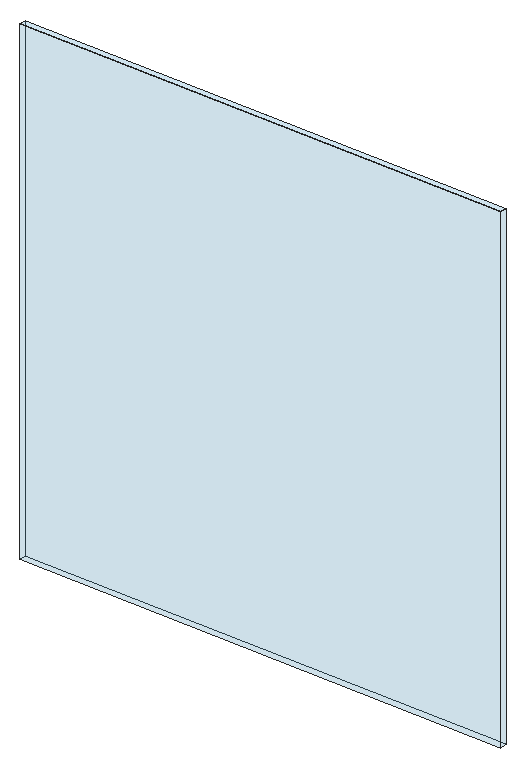
Revit family
Parameters (values of type "72" x 72"")
  Sealant = 0' - 0 3/8"
  Pocket Depth [instance] = 0' - 0 1/2"
  Head Height = Sill Height + Rough Height - Sealant  # 8' - 11 5/8"
  Depth [instance] = 0' - 7"
  Sill Height = 3' - 0"
  Rough Width = 6' - 0"
  Rough Height = 6' - 0"
  Model = "OPG3007"
  Material = ""
  Manufacturer = "Arcadia"
  Sightline = 0' - 3 3/8"
  Height = Rough Height - Sealant - Sealant  # 5' - 11 1/4"
  Wall Closure = (empty or 0)
  Width = Rough Width - Sealant - Sealant  # 5' - 11 1/4"
  Glass Thickness [instance] = 0' - 1"
  Offset to Inside Face of Glass [instance] = 0' - 5 5/16"
  Construction Type = "Aluminum"
  Center of Rough Opening [instance] = Rough Width / 2  # 3' - 0"
  Center of Glass [instance] = Glass Thickness / 2  # 0' - 0 1/2"
  Center Wall to Outside Face [instance] = 0' - 2 7/8"
  Assembly Code = ""
Reference planes (in)
  plane 1 "Center (Front/Back)": y = 0
  plane 2: z = 0
  plane 3 "Center (Left/Right)": x = 12
  plane 4 "Rough Opening Bottom": z = 36
  plane 5 "Rough Opening Top": z = 108
  plane 6 "Exterior Face": y = -2.25
  plane 7 "Frame Top": z = 104.625
  plane 8 "Frame Bottom": z = 39.375
  plane 9 "Rough Opening Left": x = -24
  plane 10 "Rough Opening Right": x = 48
  plane 11 "Frame Left": x = -20.625
  plane 12 "Frame Right": x = 44.625
  plane 13 "Exterior Glass Edge": y = -3.7467
  plane 14 "Interior Glass Edge": y = -4.7467
  plane 15 "Glass Centerline": y = -4.2467
  plane 16 "Frame Outside": y = -3.07606
  plane 17 "Frame Inside": y = -10.0592
  plane 18: z = 105.125
  plane 19: z = 38.875
  plane 20: x = 45.125
  plane 21: x = -21.125
  plane 22: x = 47.625
  plane 23: x = -23.625
  plane 24: z = 107.625
  plane 25: z = 36.375
Forms (in)
  Extrusion 1, solid, material "Anodize Arcadia AC2 Clear #11", detail levels coarse
    sketch origin (0, 0, 36) x (0, -1, 0) y (1, 0, 0)
      loop
        line (3.07606, -24) -> (10.0592, -24) -> (10.0592, -20.625) -> (4.7467, -20.625) -> (4.7467, -21.125) -> (3.7467, -21.125) -> (3.7467, -20.625) -> (3.07606, -20.625) -> (3.07606, -24)
    from 0 to 72 <- "Rough Height"
  Extrusion 2, solid, material "Anodize Arcadia AC2 Clear #11", detail levels coarse
    sketch origin (0, 0, 36) x (0, -1, 0) y (1, 0, 0)
      loop
        line (3.07606, 44.625) -> (3.7467, 44.625) -> (3.7467, 45.125) -> (4.7467, 45.125) -> (4.7467, 44.625) -> (10.0592, 44.625) -> (10.0592, 48) -> (3.07606, 48) -> (3.07606, 44.625)
    from 0 to 72 <- "Rough Height"
  Extrusion 3, solid, material "Glass"
    sketch origin (-0.5, 0, 36) x (0, -1, 0) y (1, 0, 0)
      loop
        line (3.7467, -20.625) -> (4.7467, -20.625) -> (4.7467, 45.625) -> (3.7467, 45.625) -> (3.7467, -20.625)
    from 2.875 to 69.125
  Extrusion 4, solid, material "Anodize Arcadia AC2 Clear #11", detail levels coarse
    sketch origin (-24, 0, 0) x (0, 1, 0) y (0, 0, 1)
      loop
        line (-10.0592, 108) -> (-10.0592, 104.625) -> (-4.7467, 104.625) -> (-4.7467, 105.125) -> (-3.7467, 105.125) -> (-3.7467, 104.625) -> (-3.07606, 104.625) -> (-3.07606, 108) -> (-10.0592, 108)
    from 0 to 72 <- "Rough Width"
  Extrusion 5, solid, material "Anodize Arcadia AC2 Clear #11", detail levels coarse
    sketch origin (-24, 0, 0) x (0, 1, 0) y (0, 0, 1)
      loop
        line (-3.07606, 39.375) -> (-3.7467, 39.375) -> (-3.7467, 38.875) -> (-4.7467, 38.875) -> (-4.7467, 39.375) -> (-10.0592, 39.375) -> (-10.0592, 36) -> (-3.07606, 36) -> (-3.07606, 39.375)
    from 0 to 72 <- "Rough Width"
  Extrusion 6, void
    sketch origin (0, 0, 36) x (0, -1, 0) y (1, 0, 0)
      loop
        line (10.25, -24) -> (10.25, 48) -> (2.25, 48) -> (2.25, -24) -> (10.25, -24)
    from 0 to 72 <- "Rough Height"
Lines and regions (in)
  symbolic lines, detail levels coarse
    curve 1: line (-24, -3.07606, 0) -> (-20.625, -3.07606, 0)
    curve 2: line (-20.625, -3.07606, 0) -> (-20.625, -3.7467, 0)
    curve 3: line (45.125, -3.7467, 0) -> (-21.125, -3.7467, 0)
    curve 4: line (-21.125, -3.7467, 0) -> (-21.125, -4.7467, 0)
    curve 5: line (-21.125, -4.7467, 0) -> (45.125, -4.7467, 0)
    curve 6: line (-20.625, -4.7467, 0) -> (-20.625, -10.0592, 0)
    curve 7: line (-20.625, -10.0592, 0) -> (-24, -10.0592, 0)
    curve 8: line (-24, -10.0592, 0) -> (-24, -3.07606, 0)
    curve 9: line (48, -3.07606, 0) -> (44.625, -3.07606, 0)
    curve 10: line (44.625, -3.07606, 0) -> (44.625, -3.7467, 0)
    curve 11: line (45.125, -3.7467, 0) -> (45.125, -4.7467, 0)
    curve 12: line (44.625, -4.7467, 0) -> (44.625, -10.0592, 0)
    curve 13: line (44.625, -10.0592, 0) -> (48, -10.0592, 0)
    curve 14: line (48, -10.0592, 0) -> (48, -3.07606, 0)
Text (in)
  text "EXTERIOR" at (-58.6888, 50.90694, 0), in view "Ref. Level"
  text "INTERIOR" at (-58.6888, -37.76638, 0), in view "Ref. Level"
  text "Exterior" at (0, 43.65631, 123.19604), in view "Left"
  text "Exterior" at (0, 18.29385, 125.04747), in view "Right"
Dimensions and locks (in)
  "Rough Height": plane 4 "Rough Opening Bottom" to plane 5 "Rough Opening Top"
  "Sill Height": plane 2 to plane 4 "Rough Opening Bottom"
  "Sightline": plane 7 "Frame Top" to plane 5 "Rough Opening Top"
  "Sightline": plane 4 "Rough Opening Bottom" to plane 8 "Frame Bottom"
  "Rough Width": plane 9 "Rough Opening Left" to plane 10 "Rough Opening Right"
  "Sightline": plane 9 "Rough Opening Left" to plane 11 "Frame Left"
  "Sightline": plane 12 "Frame Right" to plane 10 "Rough Opening Right"
  plane 17 "Frame Inside" to plane 16 "Frame Outside" = 0' - 6.98314"
  "Glass Thickness": plane 13 "Exterior Glass Edge" to plane 14 "Interior Glass Edge"
  "Center of Glass": plane 15 "Glass Centerline" to plane 14 "Interior Glass Edge"
  "Center of Rough Opening": plane 9 "Rough Opening Left" to plane 3 "Center (Left/Right)"
  "Offset to Inside Face of Glass": plane 17 "Frame Inside" to plane 14 "Interior Glass Edge"
  "Pocket Depth": plane 12 "Frame Right" to plane 20
  "Pocket Depth": plane 21 to plane 11 "Frame Left"
  "Pocket Depth": plane 7 "Frame Top" to plane 18
  "Pocket Depth": plane 19 to plane 8 "Frame Bottom"
  "Sealant": plane 22 to plane 10 "Rough Opening Right"
  "Sealant": plane 9 "Rough Opening Left" to plane 23
  "Sealant": plane 4 "Rough Opening Bottom" to plane 25
  "Sealant": plane 24 to plane 5 "Rough Opening Top"
  aligned and locked: plane 6 "Exterior Face" to host wall
  aligned and locked: Extrusion 1 sketch curve to plane 17 "Frame Inside"
  aligned and locked: plane 16 "Frame Outside" to Extrusion 1 sketch curve
  aligned and locked: Extrusion 1 sketch curve to plane 11 "Frame Left"
  aligned and locked: plane 9 "Rough Opening Left" to Extrusion 1 sketch curve
  aligned and locked: plane 12 "Frame Right" to Extrusion 2 sketch curve
  aligned and locked: Extrusion 2 sketch curve to plane 10 "Rough Opening Right"
  aligned and locked: Extrusion 2 sketch curve to plane 17 "Frame Inside"
  aligned and locked: plane 16 "Frame Outside" to Extrusion 2 sketch curve
  aligned and locked: Extrusion 3 sketch curve to plane 13 "Exterior Glass Edge"
  aligned and locked: plane 14 "Interior Glass Edge" to Extrusion 3 sketch curve
  aligned and locked: plane 5 "Rough Opening Top" to Extrusion 4 sketch curve
  aligned and locked: Extrusion 4 sketch curve to plane 7 "Frame Top"
  aligned and locked: Extrusion 4 sketch curve to plane 17 "Frame Inside"
  aligned and locked: plane 16 "Frame Outside" to Extrusion 4 sketch curve
  aligned and locked: Extrusion 5 sketch curve to plane 4 "Rough Opening Bottom"
  aligned and locked: plane 8 "Frame Bottom" to Extrusion 5 sketch curve
  aligned and locked: Extrusion 5 sketch curve to plane 17 "Frame Inside"
  aligned and locked: plane 16 "Frame Outside" to Extrusion 5 sketch curve
  aligned and locked: plane 4 "Rough Opening Bottom" to nested 3
  aligned and locked: nested 2 to plane 5 "Rough Opening Top"
  aligned and locked: plane 19 to Extrusion 3
  aligned and locked: Extrusion 3 to plane 18
  aligned and locked: plane 17 "Frame Inside" to nested 3
  aligned and locked: nested 1 to plane 16 "Frame Outside"
  aligned and locked: plane 10 "Rough Opening Right" to nested 1
  aligned and locked: nested 4 to plane 9 "Rough Opening Left"
  aligned and locked: plane 17 "Frame Inside" to nested 4
  aligned and locked: plane 13 "Exterior Glass Edge" to Extrusion 5 sketch curve
  aligned and locked: Extrusion 5 sketch curve to plane 14 "Interior Glass Edge"
  aligned and locked: plane 19 to Extrusion 5 sketch curve
  aligned and locked: Extrusion 4 sketch curve to plane 13 "Exterior Glass Edge"
  aligned and locked: plane 18 to Extrusion 4 sketch curve
  aligned and locked: plane 14 "Interior Glass Edge" to Extrusion 4 sketch curve
  aligned and locked: plane 14 "Interior Glass Edge" to Extrusion 2 sketch curve
  aligned and locked: Extrusion 2 sketch curve to plane 20
  aligned and locked: Extrusion 2 sketch curve to plane 13 "Exterior Glass Edge"
  aligned and locked: Extrusion 1 sketch curve to plane 14 "Interior Glass Edge"
  aligned and locked: Extrusion 1 sketch curve to plane 21
  aligned and locked: plane 13 "Exterior Glass Edge" to Extrusion 1 sketch curve
  aligned and locked: plane 16 "Frame Outside" to curve 1
  aligned and locked: plane 9 "Rough Opening Left" to curve 8
  aligned and locked: curve 2 to plane 11 "Frame Left"
  aligned and locked: curve 6 to plane 11 "Frame Left"
  aligned and locked: curve 4 to plane 21
  aligned and locked: curve 7 to plane 17 "Frame Inside"
  aligned and locked: curve 5 to plane 14 "Interior Glass Edge"
  aligned and locked: plane 13 "Exterior Glass Edge" to curve 3
  aligned and locked: curve 10 to plane 12 "Frame Right"
  aligned and locked: curve 12 to plane 12 "Frame Right"
  aligned and locked: curve 11 to plane 20
  aligned and locked: plane 10 "Rough Opening Right" to curve 14
  aligned and locked: curve 9 to plane 16 "Frame Outside"
  aligned and locked: plane 17 "Frame Inside" to curve 13
  aligned and locked: nested 2 to plane 16 "Frame Outside"
  aligned and locked: plane 9 "Rough Opening Left" to import instance
  aligned and locked: plane 16 "Frame Outside" to import instance
  aligned and locked: plane 10 "Rough Opening Right" to import instance
  aligned and locked: import instance to plane 16 "Frame Outside"  (x2)
  aligned and locked: plane 17 "Frame Inside" to import instance
  aligned and locked: import instance to plane 4 "Rough Opening Bottom"
  aligned and locked: import instance to plane 17 "Frame Inside"
  aligned and locked: plane 5 "Rough Opening Top" to import instance
  aligned and locked: level to plane 2
  aligned and locked: plane 9 "Rough Opening Left" to Extrusion 6 sketch curve
  aligned and locked: Extrusion 6 sketch curve to host wall
  aligned and locked: plane 6 "Exterior Face" to Extrusion 6 sketch curve
  aligned and locked: Extrusion 6 sketch curve to plane 10 "Rough Opening Right"
Automatic sketch dimensions
  Extrusion 3 sketch curve to plane 21 = 0' - 0"
  Extrusion 3 sketch curve to plane 20 = 0' - 0"
  Extrusion 5 sketch curve to plane 8 "Frame Bottom" = 0' - 0"
  Extrusion 4 sketch curve to plane 7 "Frame Top" = 0' - 0"
  Extrusion 2 sketch curve to plane 12 "Frame Right" = 0' - 0"
  Extrusion 1 sketch curve to plane 11 "Frame Left" = 0' - 0"
Nested families (in)
  nested 1: "Window-Arcadia-OPG3007-Med-Jamb-R" at (46.9375, -4.26356, 0) x (-1, 0, 0) z (0, 0, 1), type "Window-Arcadia-OPG3007-Med-Jamb-R", detail levels medium
    with Sightline 0' - 3 3/8", Pocket Depth 0' - 0 1/2", Offset to Inside Face of Glass 0' - 5 5/16", Glass Width 0' - 1", Frame Wall Thickness 0' - 0 3/32", Depth 0' - 7", Center of Glass 0' - 0 1/2"
  nested 2: "Window-Arcadia-OPG3007-Med-Head" at (33.875, -4.26356, 108) x (0, -1, 0) z (1, 0, 0), type "Window-Arcadia-OPG3007-Med-Head", detail levels medium
    with Sightline 0' - 3 3/8", Pocket Depth 0' - 0 1/2", Offset to Inside Face of Glass 0' - 5 5/16", Glass Width 0' - 1", Frame Wall Thickness 0' - 0 3/32", Depth 0' - 7", Center of Glass 0' - 0 1/2"
  nested 3: "Window-Arcadia-OPG3007-Med-Sill" at (33.875, -4.2467, 36) x (0, -1, 0) z (1, 0, 0), type "Window-Arcadia-OPG3007-Med-Sill", detail levels medium
    with Sightline 0' - 3 3/8", Pocket Depth 0' - 0 1/2", Offset to Inside Face of Glass 0' - 5 5/16", Glass Width 0' - 1", Frame Wall Thickness 0' - 0 3/32", Depth 0' - 7", Center of Glass 0' - 0 1/2"
  nested 4: "Window-Arcadia-OPG3007-Med-Jamb-L" at (-22.9375, -4.2467, 0) x (-1, 0, 0) z (0, 0, 1), type "Window-Arcadia-OPG3007-Med-Jamb-L", detail levels medium
    with Sightline 0' - 3 3/8", Pocket Depth 0' - 0 1/2", Offset to Inside Face of Glass 0' - 5 5/16", Glass Width 0' - 1", Frame Wall Thickness 0' - 0 3/32", Depth 0' - 7", Center of Glass 0' - 0 1/2"
Definition of nested family "Window-Arcadia-OPG3007-Med-Jamb-R"
  Parameters (values of type "Window-Arcadia-TC670-Med-Jamb-R")
    Depth [instance] = 0' - 6"
    Pocket Depth [instance] = 0' - 0 3/4"
    Offset to Inside Face of Glass [instance] = 0' - 4"
    Glass Width [instance] = 0' - 1"
    Sightline [instance] = 0' - 2 5/8"
    Center of Glass [instance] = Glass Width / 2  # 0' - 0 1/2"
    Frame Wall Thickness [instance] = 0' - 0 3/32"
    Assembly Code = ""
  Reference planes (in)
    plane 1 "Center (Front/Back)": y = 0
    plane 2: z = 0
    plane 3: x = 1.5625
    plane 4 "back": x = -1.0625
    plane 5: y = 4.5
    plane 6: y = -1.5
    plane 7 "Inside Face of Glass": y = 0.5
    plane 8: y = -0.5
    plane 9: x = 0.8125
  Lines and regions (in)
    detail lines, in view "Ref. Level", detail levels medium
      curve 1: line (-1.0625, 4.5, 0) -> (-1.0625, -1.5, 0)
      curve 2: line (-1.0625, -1.5, 0) -> (1.5625, -1.5, 0)
      curve 3: line (1.5625, -1.5, 0) -> (1.5625, -0.5, 0)
      curve 4: line (1.5625, -0.5, 0) -> (0.8125, -0.5, 0)
      curve 5: line (0.8125, -0.5, 0) -> (0.8125, 0.5, 0)
      curve 6: line (0.8125, 0.5, 0) -> (1.5625, 0.5, 0)
      curve 7: line (1.5625, 0.5, 0) -> (1.5625, 4.5, 0)
      curve 8: line (1.5625, 4.5, 0) -> (-1.0625, 4.5, 0)
      curve 9: line (1.46875, 4.40625, 0) -> (-0.96875, 4.40625, 0)
      curve 10: line (-0.96875, 4.40625, 0) -> (-0.96875, -1.40625, 0)
      curve 11: line (-0.96875, -1.40625, 0) -> (1.46875, -1.40625, 0)
      curve 12: line (1.46875, -1.40625, 0) -> (1.46875, -0.59375, 0)
      curve 13: line (1.46875, -0.59375, 0) -> (0.71875, -0.59375, 0)
      curve 14: line (0.71875, -0.59375, 0) -> (0.71875, 0.59375, 0)
      curve 15: line (0.71875, 0.59375, 0) -> (1.46875, 0.59375, 0)
      curve 16: line (1.46875, 0.59375, 0) -> (1.46875, 4.40625, 0)
      curve 17: line (1.5625, 4.5, 0) -> (-1.0625, 4.5, 0)
      curve 18: line (-1.0625, 4.40625, 0) -> (-1.0625, -1.5, 0)
  Dimensions and locks (in)
    "Sightline": plane 4 "back" to plane 3
    "Depth": plane 5 to plane 6
    "Center of Glass": plane 1 "Center (Front/Back)" to plane 7 "Inside Face of Glass"
    "Glass Width": plane 8 to plane 7 "Inside Face of Glass"
    "Pocket Depth": plane 9 to plane 3
    "Offset to Inside Face of Glass": plane 5 to plane 7 "Inside Face of Glass"
    "Frame Wall Thickness": plane 5 to curve 9
    "Frame Wall Thickness": plane 4 "back" to curve 10
    "Frame Wall Thickness": curve 11 to plane 6
    "Frame Wall Thickness": curve 12 to plane 3
    "Frame Wall Thickness": curve 13 to plane 8
    "Frame Wall Thickness": plane 7 "Inside Face of Glass" to curve 15
    "Frame Wall Thickness": curve 14 to plane 9
    "Frame Wall Thickness": curve 16 to plane 3
    aligned and locked: plane 5 to curve 8
    aligned and locked: curve 1 to plane 4 "back"
    aligned and locked: curve 2 to plane 6
    aligned and locked: plane 3 to curve 3
    aligned and locked: curve 4 to plane 8
    aligned and locked: plane 9 to curve 5
    aligned and locked: plane 7 "Inside Face of Glass" to curve 6
    aligned and locked: plane 3 to curve 7
  Automatic sketch dimensions
    curve 18 to curve 9 = 0' - 0"
Definition of nested family "Window-Arcadia-OPG3007-Med-Head"
  Parameters (values of type "Window-Arcadia-A400-Med-Head")
    Depth [instance] = 0' - 6"
    Pocket Depth [instance] = 0' - 0 1/2"
    Offset to Inside Face of Glass [instance] = 0' - 4"
    Glass Width [instance] = 0' - 1"
    Sightline [instance] = 0' - 2 5/8"
    Center of Glass [instance] = Glass Width / 2  # 0' - 0 1/2"
    Frame Wall Thickness [instance] = 0' - 0 3/32"
    Assembly Code = ""
  Reference planes (in)
    plane 1 "Center (Front/Back)": y = 0
    plane 2: z = 0
    plane 3 "Center (Left/Right)": x = 0
    plane 4: x = -0.5
    plane 5 "Inside Face of Glass": x = 0.5
    plane 6: y = -2.625
    plane 7: x = 4.5
    plane 8: x = -1.5
    plane 9: y = -2.125
  Lines and regions (in)
    detail lines, in view "Ref. Level", detail levels medium
      curve 1: line (-1.5, 0, 0) -> (-1.5, -2.625, 0)
      curve 2: line (-1.5, -2.625, 0) -> (-0.5, -2.625, 0)
      curve 3: line (-0.5, -2.625, 0) -> (-0.5, -2.125, 0)
      curve 4: line (-0.5, -2.125, 0) -> (0.5, -2.125, 0)
      curve 5: line (0.5, -2.125, 0) -> (0.5, -2.625, 0)
      curve 6: line (0.5, -2.625, 0) -> (4.5, -2.625, 0)
      curve 7: line (4.5, -2.625, 0) -> (4.5, 0, 0)
      curve 8: line (4.5, 0, 0) -> (-1.5, 0, 0)
      curve 9: line (-1.40625, -0.09375, 0) -> (-1.40625, -2.53125, 0)
      curve 10: line (4.40625, -0.09375, 0) -> (-1.40625, -0.09375, 0)
      curve 11: line (4.40625, -2.53125, 0) -> (4.40625, -0.09375, 0)
      curve 12: line (0.59375, -2.53125, 0) -> (4.40625, -2.53125, 0)
      curve 13: line (-1.40625, -2.53125, 0) -> (-0.59375, -2.53125, 0)
      curve 14: line (-0.59375, -2.53125, 0) -> (-0.59375, -2.03125, 0)
      curve 15: line (-0.59375, -2.03125, 0) -> (0.59375, -2.03125, 0)
      curve 16: line (0.59375, -2.03125, 0) -> (0.59375, -2.53125, 0)
  Dimensions and locks (in)
    "Sightline": plane 6 to plane 1 "Center (Front/Back)"
    "Depth": plane 8 to plane 7
    "Pocket Depth": plane 6 to plane 9
    "Offset to Inside Face of Glass": plane 5 "Inside Face of Glass" to plane 7
    "Glass Width": plane 4 to plane 5 "Inside Face of Glass"
    "Center of Glass": plane 3 "Center (Left/Right)" to plane 5 "Inside Face of Glass"
    "Frame Wall Thickness": plane 8 to curve 9
    "Frame Wall Thickness": curve 10 to plane 1 "Center (Front/Back)"
    "Frame Wall Thickness": curve 11 to plane 7
    "Frame Wall Thickness": plane 6 to curve 12
    "Frame Wall Thickness": plane 6 to curve 13
    "Frame Wall Thickness": plane 9 to curve 15
    "Frame Wall Thickness": plane 5 "Inside Face of Glass" to curve 16
    "Frame Wall Thickness": curve 14 to plane 4
    aligned and locked: curve 8 to plane 1 "Center (Front/Back)"
    aligned and locked: plane 7 to curve 7
    aligned and locked: curve 1 to plane 8
    aligned and locked: plane 9 to curve 4
    aligned and locked: plane 4 to curve 3
    aligned and locked: plane 6 to curve 2
    aligned and locked: plane 6 to curve 6
  Automatic sketch dimensions
    curve 5 to plane 5 "Inside Face of Glass" = 0' - 0"
Definition of nested family "Window-Arcadia-OPG3007-Med-Sill"
  Parameters (values of type "Window-Arcadia-A400-Med-Sill")
    Depth [instance] = 0' - 6"
    Pocket Depth [instance] = 0' - 0 1/2"
    Offset to Inside Face of Glass [instance] = 0' - 4"
    Glass Width [instance] = 0' - 1"
    Sightline [instance] = 0' - 2 5/8"
    Center of Glass [instance] = Glass Width / 2  # 0' - 0 1/2"
    Frame Wall Thickness [instance] = 0' - 0 3/32"
    Assembly Code = ""
  Reference planes (in)
    plane 1 "Center (Front/Back)": y = 0
    plane 2: z = 0
    plane 3 "Center (Left/Right)": x = 0
    plane 4: x = -0.5
    plane 5 "Inside Face of Glass": x = 0.5
    plane 6: y = 2.625
    plane 7: x = 4.5
    plane 8: x = -1.5
    plane 9: y = 2.125
  Lines and regions (in)
    detail lines, in view "Ref. Level", detail levels medium
      curve 1: line (-1.5, 2.625, 0) -> (-1.5, 0, 0)
      curve 2: line (-1.5, 0, 0) -> (4.5, 0, 0)
      curve 3: line (4.5, 0, 0) -> (4.5, 2.625, 0)
      curve 4: line (4.5, 2.625, 0) -> (0.5, 2.625, 0)
      curve 5: line (0.5, 2.625, 0) -> (0.5, 2.125, 0)
      curve 6: line (0.5, 2.125, 0) -> (-0.5, 2.125, 0)
      curve 7: line (-0.5, 2.125, 0) -> (-0.5, 2.625, 0)
      curve 8: line (-0.5, 2.625, 0) -> (-1.5, 2.625, 0)
      curve 9: line (-0.59375, 2.53125, 0) -> (-1.40625, 2.53125, 0)
      curve 10: line (-1.40625, 2.53125, 0) -> (-1.40625, 0.09375, 0)
      curve 11: line (-1.40625, 0.09375, 0) -> (4.40625, 0.09375, 0)
      curve 12: line (4.40625, 0.09375, 0) -> (4.40625, 2.53125, 0)
      curve 13: line (4.40625, 2.53125, 0) -> (0.59375, 2.53125, 0)
      curve 14: line (0.59375, 2.53125, 0) -> (0.59375, 2.03125, 0)
      curve 15: line (0.59375, 2.03125, 0) -> (-0.59375, 2.03125, 0)
      curve 16: line (-0.59375, 2.03125, 0) -> (-0.59375, 2.53125, 0)
  Dimensions and locks (in)
    "Pocket Depth": plane 9 to plane 6
    "Sightline": plane 1 "Center (Front/Back)" to plane 6
    "Depth": plane 8 to plane 7
    "Offset to Inside Face of Glass": plane 5 "Inside Face of Glass" to plane 7
    "Glass Width": plane 4 to plane 5 "Inside Face of Glass"
    "Center of Glass": plane 3 "Center (Left/Right)" to plane 5 "Inside Face of Glass"
    "Frame Wall Thickness": curve 9 to plane 6
    "Frame Wall Thickness": plane 8 to curve 10
    "Frame Wall Thickness": plane 1 "Center (Front/Back)" to curve 11
    "Frame Wall Thickness": curve 12 to plane 7
    "Frame Wall Thickness": curve 13 to plane 6
    "Frame Wall Thickness": plane 5 "Inside Face of Glass" to curve 14
    "Frame Wall Thickness": curve 15 to plane 9
    "Frame Wall Thickness": curve 16 to plane 4
    aligned and locked: plane 1 "Center (Front/Back)" to curve 2
    aligned and locked: plane 7 to curve 3
    aligned and locked: curve 1 to plane 8
    aligned and locked: curve 8 to plane 6
    aligned and locked: curve 4 to plane 6
    aligned and locked: curve 6 to plane 9
    aligned and locked: curve 5 to plane 5 "Inside Face of Glass"
    aligned and locked: plane 4 to curve 7
  Automatic sketch dimensions
    curve 7 to plane 9 = 0' - 0"
Definition of nested family "Window-Arcadia-OPG3007-Med-Jamb-L"
  Parameters (values of type "Window-Arcadia-TC670-Med-Jamb-L")
    Depth [instance] = 0' - 6"
    Pocket Depth [instance] = 0' - 0 1/2"
    Offset to Inside Face of Glass [instance] = 0' - 4"
    Glass Width [instance] = 0' - 1"
    Sightline [instance] = 0' - 2 1/8"
    Center of Glass [instance] = Glass Width / 2  # 0' - 0 1/2"
    Frame Wall Thickness [instance] = 0' - 0 3/32"
    Assembly Code = ""
  Reference planes (in)
    plane 1 "Center (Front/Back)": y = 0
    plane 2: z = 0
    plane 3 "BACK": x = 1.0625
    plane 4 "FRONT": x = -1.0625
    plane 5: y = 1.5
    plane 6: y = -4.5
    plane 7 "Inside Face of Glass": y = 0.5
    plane 8: y = -0.5
    plane 9: x = -0.5625
  Lines and regions (in)
    detail lines, in view "Ref. Level", detail levels medium
      curve 1: line (1.0625, 1.5, 0) -> (1.0625, -4.5, 0)
      curve 2: line (1.0625, -4.5, 0) -> (-1.0625, -4.5, 0)
      curve 3: line (-1.0625, -4.5, 0) -> (-1.0625, -0.5, 0)
      curve 4: line (-1.0625, -0.5, 0) -> (-0.5625, -0.5, 0)
      curve 5: line (-0.5625, -0.5, 0) -> (-0.5625, 0.5, 0)
      curve 6: line (-0.5625, 0.5, 0) -> (-1.0625, 0.5, 0)
      curve 7: line (-1.0625, 0.5, 0) -> (-1.0625, 1.5, 0)
      curve 8: line (-1.0625, 1.5, 0) -> (1.0625, 1.5, 0)
      curve 9: line (-0.96875, 1.40625, 0) -> (0.96875, 1.40625, 0)
      curve 10: line (-0.96875, 0.59375, 0) -> (-0.96875, 1.40625, 0)
      curve 11: line (-0.46875, 0.59375, 0) -> (-0.96875, 0.59375, 0)
      curve 12: line (-0.46875, -0.59375, 0) -> (-0.46875, 0.59375, 0)
      curve 13: line (-0.96875, -0.59375, 0) -> (-0.46875, -0.59375, 0)
      curve 14: line (-0.96875, -4.40625, 0) -> (-0.96875, -0.59375, 0)
      curve 15: line (0.96875, -4.40625, 0) -> (-0.96875, -4.40625, 0)
      curve 16: line (0.96875, 1.40625, 0) -> (0.96875, -4.40625, 0)
  Dimensions and locks (in)
    "Depth": plane 5 to plane 6
    "Pocket Depth": plane 4 "FRONT" to plane 9
    "Sightline": plane 4 "FRONT" to plane 3 "BACK"
    "Glass Width": plane 8 to plane 7 "Inside Face of Glass"
    "Center of Glass": plane 1 "Center (Front/Back)" to plane 7 "Inside Face of Glass"
    "Frame Wall Thickness": plane 4 "FRONT" to curve 10
    "Frame Wall Thickness": plane 5 to curve 9
    "Frame Wall Thickness": curve 15 to plane 6
    "Frame Wall Thickness": curve 13 to plane 8
    "Frame Wall Thickness": plane 9 to curve 12
    "Frame Wall Thickness": plane 7 "Inside Face of Glass" to curve 11
    "Frame Wall Thickness": plane 4 "FRONT" to curve 14
    "Offset to Inside Face of Glass": plane 6 to plane 8
    aligned and locked: curve 8 to plane 5
    aligned and locked: curve 1 to plane 3 "BACK"
    aligned and locked: plane 6 to curve 2
    aligned and locked: curve 3 to plane 4 "FRONT"
    aligned and locked: plane 8 to curve 4
    aligned and locked: plane 9 to curve 5
    aligned and locked: curve 6 to plane 7 "Inside Face of Glass"
    aligned and locked: plane 4 "FRONT" to curve 7
  Automatic sketch dimensions
    curve 16 to plane 3 "BACK" = 0' - 0 3/32"
